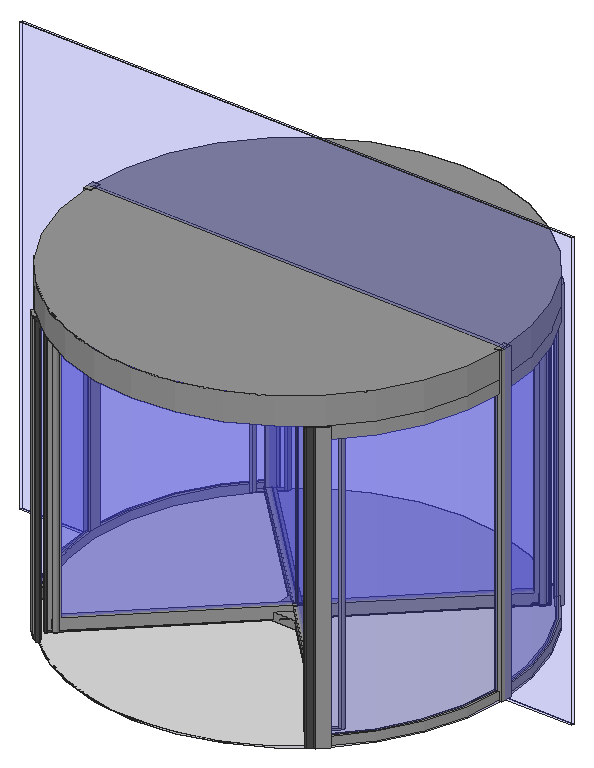
Revit family "Geryon SRD-E01", category Türen, Revit 2016 (continued)
Dimensions and locks
  equal spacing: Extrusion 26, nested 7, Extrusion 26
  locked: Extrusion 58 sketch curve to Extrusion 58 sketch curve at 85
  locked: Extrusion 58 sketch curve to Extrusion 58 sketch curve at 48.5
  "AccessLengthOrRadius": plane 15 "120-3" to Extrusion 58 sketch curve
  locked: Extrusion 58 to nested 1 at 24.25
  locked: Extrusion 61 sketch curve to Extrusion 61 sketch curve at 85
  locked: Extrusion 61 sketch curve to Extrusion 61 sketch curve at 48.5
  "AccessLengthOrRadius": plane 15 "120-3" to Extrusion 61 sketch curve
  locked: plane 9 "180-4" to Extrusion 61 sketch curve at 20
  locked: Extrusion 62 sketch curve to Extrusion 62 sketch curve at 85
  locked: Extrusion 62 sketch curve to Extrusion 62 sketch curve at 48.5
  nested 14 to Extrusion 62 = 24.25 mm
  locked: Extrusion 63 sketch curve to Extrusion 63 sketch curve at 85
  locked: Extrusion 63 sketch curve to Extrusion 63 sketch curve at 48.5
  locked: Extrusion 62 sketch curve to plane 15 "120-3" at 20
  "AccessLengthOrRadius": plane 15 "120-3" to Extrusion 62 sketch curve
  "DiameterNightLockFrame": Extrusion 63 sketch curve to plane 15 "120-3"
  "ConsoleS1": plane 15 "120-3" to nested 12
  locked: Extrusion 67 sketch curve to Extrusion 67 sketch curve at 85
  locked: Extrusion 67 sketch curve to Extrusion 67 sketch curve at 48.5
  locked: Extrusion 68 sketch curve to Extrusion 68 sketch curve at 85
  locked: Extrusion 68 sketch curve to Extrusion 68 sketch curve at 48.5
  "DiameterNightLockFrame": Extrusion 67 sketch curve to plane 15 "120-3"
  "DiameterNightLockFrame": plane 14 "120-2" to Extrusion 68 sketch curve
  locked: Extrusion 62 to nested 14 at 24.25
  locked: Extrusion 70 sketch curve to Extrusion 70 sketch curve at 85
  locked: Extrusion 70 sketch curve to Extrusion 70 sketch curve at 48.5
  locked: Extrusion 71 sketch curve to Extrusion 71 sketch curve at 85
  locked: Extrusion 71 sketch curve to Extrusion 71 sketch curve at 48.5
  locked: Extrusion 72 sketch curve to Extrusion 72 sketch curve at 85
  locked: Extrusion 72 sketch curve to Extrusion 72 sketch curve at 48.5
  "DiameterNightLockFrame": Extrusion 72 sketch curve to plane 17
  "DiameterNightLockFrame": plane 15 "120-3" to Extrusion 71 sketch curve
  locked: Extrusion 70 sketch curve to plane 13 "120-1" at 20
  "DiameterNightLockFrame": plane 15 "120-3" to Extrusion 70 sketch curve
  "ConsoleS2": nested 15 to plane 17
  equal spacing: Extrusion 23, nested 6, Sweep 35
  equal spacing: Extrusion 13, nested 11, Extrusion 14
  equal spacing: Extrusion 8, nested 8, Extrusion 8
  equal spacing: Extrusion 7, nested 5, Extrusion 7
  equal spacing: Extrusion 16, nested 9, Extrusion 16
  equal spacing: Extrusion 26, plane 1 "Mitte (Vorne/Hinten)", Extrusion 26
  "DoorThickness": Extrusion 26 to Extrusion 26
  equal spacing: Extrusion 13, plane 10 "180-1", Extrusion 13
  "DoorThickness": Extrusion 13 to Extrusion 13
  equal spacing: nested 8, plane 11 "180-2", Extrusion 8
  "DoorThickness": Extrusion 8 to nested 8
  equal spacing: Extrusion 16, plane 12 "180-3", Extrusion 16
  "DoorThickness": Extrusion 16 to Extrusion 16
  equal spacing: Extrusion 7, plane 9 "180-4", Extrusion 7
  "DoorThickness": Extrusion 7 to Extrusion 7
  equal spacing: Extrusion 23, plane 13 "120-1", Extrusion 23
  "DoorThickness": Extrusion 23 to Extrusion 23
  equal spacing: Extrusion 26, plane 1 "Mitte (Vorne/Hinten)", Extrusion 80 sketch curve
  "DoorThickness": Extrusion 80 sketch curve to Extrusion 80 sketch curve  (x3)
  equal spacing: Extrusion 80 sketch curve, plane 13 "120-1", Extrusion 80 sketch curve
  equal spacing: Extrusion 80 sketch curve, plane 15 "120-3", Extrusion 80 sketch curve
  equal spacing: Extrusion 79 sketch curve, plane 11 "180-2", Extrusion 79 sketch curve
  equal spacing: Extrusion 79 sketch curve, plane 12 "180-3", Extrusion 79 sketch curve
  "DoorThickness": Extrusion 79 sketch curve to Extrusion 79 sketch curve  (x2)
  "FrameThicknessCenter": Extrusion 80 sketch curve to plane 17
  "FrameThicknessCenter": plane 14 "120-2" to Extrusion 80 sketch curve  (x2)
  "FrameThickness": Extrusion 79 sketch curve to Extrusion 79 sketch curve  (x4)
  locked: level to Extrusion 26 sketch curve at 15
  locked: plane 2 to Extrusion 8 sketch curve at 15
  locked: Extrusion 7 sketch curve to plane 2 at 15
  locked: Extrusion 16 sketch curve to plane 8 "access height" at 15
  locked: Extrusion 16 sketch curve to plane 2 at 15
  locked: plane 8 "access height" to Extrusion 7 sketch curve at 15
  locked: Extrusion 23 sketch curve to plane 2 at 15
  locked: plane 8 "access height" to Extrusion 23 sketch curve at 15
  locked: Extrusion 13 sketch curve to plane 2 at 15
  locked: plane 8 "access height" to Extrusion 13 sketch curve at 15
  Extrusion 26 sketch curve to plane 8 "access height" = 15.00 mm
  locked: plane 8 "access height" to Extrusion 8 sketch curve at 15
  "FrameThicknessCenter": plane 19 "upperFrame" to plane 8 "access height"
  "DoorWidth": Extrusion 81 sketch curve to plane 20 "120-3 normal"
  "FrameThickness": Extrusion 81 sketch curve to Extrusion 81 sketch curve  (x3)
  locked: Extrusion 81 sketch curve to plane 2 at 15
  locked: plane 8 "access height" to Extrusion 81 sketch curve at 15
  equal spacing: Extrusion 81, nested 10, Extrusion 81
  equal spacing: Extrusion 81, plane 15 "120-3", Extrusion 81
  "DoorThickness": Extrusion 81 to Extrusion 81
  "Height": plane 2 to plane 7
  equal spacing: Extrusion 1 sketch curve, plane 3 "Mitte (Links/Rechts)", Extrusion 1 sketch curve
  "Width": Extrusion 1 sketch curve to Extrusion 1 sketch curve
  locked: Extrusion 1 to Extrusion 6 sketch curve at 20
  Extrusion 19 sketch curve to Extrusion 1 = 20.00 mm
  "AccessLengthOrRadius": radius of curve 1
  "Diameter": radius of curve 2
  "DiameterNightLock": radius of curve 3
  "DiameterNightLockCover": radius of curve 4
  "Diameter": radius of Extrusion 3 sketch curve
  "DiameterCoverFront": radius of Extrusion 30 sketch curve
  "Diameter": radius of Extrusion 30 sketch curve
  "DiameterCoverFront": radius of Extrusion 39 sketch curve
  "Diameter": radius of Extrusion 39 sketch curve
  "DiameterNightLockGlassInside": radius of Extrusion 45 sketch curve
  "DiameterNightLockGlassOutside": radius of Extrusion 45 sketch curve
  "DiameterNightLockGlassInside": radius of Extrusion 46 sketch curve
  "DiameterNightLockGlassOutside": radius of Extrusion 46 sketch curve
  "DiameterNightLockGlassInside": radius of Extrusion 53 sketch curve
  "DiameterNightLockGlassOutside": radius of Extrusion 53 sketch curve
  "DiameterNightLockGlassInside": radius of Extrusion 54 sketch curve
  "DiameterNightLockGlassOutside": radius of Extrusion 54 sketch curve
  "DiameterNightLockGlassInside": radius of curve 28
  "DiameterNightLockGlassOutside": radius of curve 27
  "DiameterGlassInside": radius of curve 30
  "DiameterGlassOutside": radius of curve 29
  angle plane 15 "120-3" to plane 16 = 37.50°
  angle plane 16 to plane 11 "180-2" = 37.50°
  aligned and locked: level to plane 2
  aligned and locked: Extrusion 1 to plane 4 "Section L"
  aligned and locked: Extrusion 1 to plane 6 "Oberkante"
  aligned and locked: Extrusion 1 to plane 5 "Section R"
  aligned and locked: Extrusion 1 to level  (x2)
  aligned and locked: Extrusion 21 to nested 3
  aligned and locked: nested 4 to Extrusion 22
  aligned and locked: nested 3 to plane 8 "access height"
  aligned and locked: nested 2 to plane 8 "access height"
  aligned and locked: plane 8 "access height" to nested 1
  aligned and locked: plane 8 "access height" to nested 4
  aligned and locked: Extrusion 30 to plane 8 "access height"
  aligned and locked: plane 7 to Extrusion 30
  aligned and locked: Extrusion 19 to Extrusion 5 sketch curve  (x2)
  aligned and locked: Extrusion 38 sketch curve to curve 2
  aligned and locked: plane 7 to Extrusion 39
  aligned and locked: Extrusion 39 to plane 8 "access height"
  aligned and locked: Extrusion 44 sketch curve to curve 4
  aligned and locked: Extrusion 44 sketch curve to curve 3
  aligned and locked: Extrusion 40 to Extrusion 44 sketch curve
  aligned and locked: Extrusion 42 to Extrusion 44 sketch curve
  aligned and locked: Extrusion 40 to Extrusion 45 sketch curve
  aligned and locked: Extrusion 42 to Extrusion 45 sketch curve
  aligned and locked: Extrusion 47 sketch curve to curve 3
  aligned and locked: Extrusion 47 sketch curve to curve 4
  aligned and locked: Extrusion 47 sketch curve to Extrusion 43
  aligned and locked: Extrusion 46 sketch curve to Extrusion 43
  aligned and locked: Extrusion 43 to Extrusion 48 sketch curve
  aligned and locked: Extrusion 48 sketch curve to curve 4  (x2)
  aligned and locked: Extrusion 48 sketch curve to curve 3  (x2)
  aligned and locked: Extrusion 42 to Extrusion 48 sketch curve
  aligned and locked: Extrusion 40 to Extrusion 48 sketch curve
  aligned and locked: plane 8 "access height" to Extrusion 48
  aligned and locked: Extrusion 53 sketch curve to Extrusion 49
  aligned and locked: Extrusion 53 sketch curve to Extrusion 51
  aligned and locked: Extrusion 52 to Extrusion 54 sketch curve
  aligned and locked: plane 8 "access height" to Extrusion 56
  aligned and locked: Extrusion 55 sketch curve to curve 4  (x2)
  aligned and locked: Extrusion 55 sketch curve to curve 3  (x2)
  aligned and locked: Extrusion 51 to Extrusion 55 sketch curve
  aligned and locked: Extrusion 49 to Extrusion 55 sketch curve
  aligned and locked: Extrusion 50 to Extrusion 55 sketch curve
  aligned and locked: Extrusion 52 to Extrusion 55 sketch curve
  aligned and locked: Extrusion 56 sketch curve to curve 4  (x2)
  aligned and locked: Extrusion 56 sketch curve to curve 3  (x2)
  aligned and locked: Extrusion 51 to Extrusion 56 sketch curve
  aligned and locked: Extrusion 49 to Extrusion 56 sketch curve
  aligned and locked: Extrusion 50 to Extrusion 56 sketch curve
  aligned and locked: Extrusion 52 to Extrusion 56 sketch curve
  aligned and locked: nested 4 to nested 12
  aligned and locked: Extrusion 57 sketch curve to plane 9 "180-4"
  aligned and locked: Extrusion 57 sketch curve to plane 12 "180-3"
  aligned and locked: Extrusion 57 sketch curve to plane 11 "180-2"
  aligned and locked: Extrusion 57 sketch curve to plane 10 "180-1"
  aligned and locked: plane 8 "access height" to Extrusion 57
  aligned and locked: plane 8 "access height" to Extrusion 49
  aligned and locked: plane 8 "access height" to Extrusion 50
  aligned and locked: plane 8 "access height" to Extrusion 51
  aligned and locked: plane 8 "access height" to Extrusion 42
  aligned and locked: plane 8 "access height" to Extrusion 20
  aligned and locked: plane 8 "access height" to Extrusion 52
  aligned and locked: plane 8 "access height" to Extrusion 22
  aligned and locked: plane 8 "access height" to Extrusion 21
  aligned and locked: plane 8 "access height" to Extrusion 40
  aligned and locked: plane 8 "access height" to Extrusion 41
  aligned and locked: plane 8 "access height" to Extrusion 43
  aligned and locked: plane 7 to Extrusion 19
  aligned and locked: plane 7 to Extrusion 6
  aligned and locked: nested 1 to Extrusion 58
  aligned and locked: Extrusion 60 sketch curve to curve 1
  aligned and locked: Extrusion 60 sketch curve to plane 9 "180-4"
  aligned and locked: Extrusion 60 sketch curve to plane 12 "180-3"
  aligned and locked: Extrusion 60 sketch curve to curve 2
  aligned and locked: plane 8 "access height" to Extrusion 61
  aligned and locked: plane 8 "access height" to Extrusion 58
  aligned and locked: Extrusion 62 to nested 14  (x2)
  aligned and locked: Extrusion 64 sketch curve to curve 3
  aligned and locked: Extrusion 64 sketch curve to curve 4
  aligned and locked: Extrusion 64 sketch curve to plane 15 "120-3"
  aligned and locked: Extrusion 64 sketch curve to plane 11 "180-2"
  aligned and locked: Extrusion 65 sketch curve to curve 27  (x2)
  aligned and locked: Extrusion 65 sketch curve to curve 28  (x2)
  aligned and locked: Extrusion 68 to plane 16
  aligned and locked: Extrusion 69 sketch curve to curve 3
  aligned and locked: Extrusion 69 sketch curve to curve 4
  aligned and locked: Extrusion 69 sketch curve to plane 11 "180-2"
  aligned and locked: Extrusion 69 sketch curve to plane 15 "120-3"
  aligned and locked: Extrusion 66 sketch curve to curve 28  (x2)
  aligned and locked: Extrusion 66 sketch curve to curve 27  (x2)
  aligned and locked: Extrusion 67 to Extrusion 66 sketch curve
  aligned and locked: Extrusion 68 to Extrusion 66 sketch curve
  aligned and locked: plane 17 to Extrusion 72 sketch curve
  aligned and locked: plane 17 to Extrusion 71 sketch curve
  aligned and locked: nested 15 to Extrusion 70
  aligned and locked: Extrusion 73 sketch curve to curve 4  (x2)
  aligned and locked: Extrusion 73 sketch curve to curve 3  (x2)
  aligned and locked: Extrusion 71 to Extrusion 73 sketch curve
  aligned and locked: Extrusion 72 to Extrusion 73 sketch curve
  aligned and locked: Extrusion 70 to Extrusion 73 sketch curve
  aligned and locked: Extrusion 52 to Extrusion 73 sketch curve
  aligned and locked: Extrusion 74 sketch curve to curve 4  (x2)
  aligned and locked: Extrusion 74 sketch curve to curve 3  (x2)
  aligned and locked: Extrusion 70 to Extrusion 74 sketch curve
  aligned and locked: Extrusion 71 to Extrusion 74 sketch curve
  aligned and locked: Extrusion 72 to Extrusion 74 sketch curve
  aligned and locked: Extrusion 52 to Extrusion 74 sketch curve
  aligned and locked: plane 8 "access height" to Extrusion 74
  aligned and locked: plane 8 "access height" to Extrusion 66
  aligned and locked: Extrusion 57 sketch curve to curve 1  (x2)
  aligned and locked: Extrusion 57 sketch curve to curve 2  (x2)
  aligned and locked: Extrusion 75 sketch curve to curve 27
  aligned and locked: Extrusion 75 sketch curve to curve 28  (x2)
  aligned and locked: Extrusion 70 to Extrusion 75 sketch curve
  aligned and locked: Extrusion 52 to Extrusion 75 sketch curve
  aligned and locked: Extrusion 71 to Extrusion 75 sketch curve
  aligned and locked: Extrusion 72 to Extrusion 75 sketch curve
  aligned and locked: Extrusion 75 sketch curve to Extrusion 53
  aligned and locked: Extrusion 63 to Extrusion 65 sketch curve
  aligned and locked: Extrusion 65 sketch curve to Extrusion 43
  aligned and locked: Extrusion 67 to Extrusion 65 sketch curve
  aligned and locked: Extrusion 68 to Extrusion 65 sketch curve
  aligned and locked: Extrusion 63 to Extrusion 66 sketch curve
  aligned and locked: Extrusion 43 to Extrusion 66 sketch curve
  aligned and locked: Extrusion 76 sketch curve to curve 2
  aligned and locked: Extrusion 76 sketch curve to curve 1
  aligned and locked: Extrusion 76 sketch curve to plane 13 "120-1"
  aligned and locked: Extrusion 76 sketch curve to plane 15 "120-3"
  aligned and locked: Extrusion 77 sketch curve to curve 1
  aligned and locked: Extrusion 77 sketch curve to curve 2
  aligned and locked: Extrusion 77 sketch curve to plane 10 "180-1"
  aligned and locked: Extrusion 77 sketch curve to plane 11 "180-2"
  aligned and locked: Extrusion 6 to Extrusion 59 sketch curve  (x2)
  aligned and locked: Extrusion 59 sketch curve to plane 9 "180-4"
  aligned and locked: Extrusion 59 sketch curve to curve 30  (x2)
  aligned and locked: Extrusion 59 sketch curve to curve 29  (x2)
  aligned and locked: Extrusion 59 sketch curve to plane 12 "180-3"
  aligned and locked: Extrusion 6 to Extrusion 78 sketch curve  (x2)
  aligned and locked: Extrusion 78 sketch curve to curve 29  (x2)
  aligned and locked: Extrusion 78 sketch curve to curve 30  (x2)
  aligned and locked: Extrusion 62 to Extrusion 78 sketch curve
  aligned and locked: Extrusion 58 to Extrusion 78 sketch curve
  aligned and locked: plane 11 "180-2" to Extrusion 13 sketch curve  (x2)
  aligned and locked: Extrusion 8 sketch curve to plane 12 "180-3"
  aligned and locked: Extrusion 23 sketch curve to Extrusion 23 sketch curve
  aligned and locked: plane 3 "Mitte (Links/Rechts)" to Extrusion 26 sketch curve  (x2)
  aligned and locked: plane 11 "180-2" to Extrusion 14
  aligned and locked: plane 12 "180-3" to Extrusion 9
  aligned and locked: plane 18 to Extrusion 24
  aligned and locked: plane 18 to Extrusion 25
  aligned and locked: nested 6 to Extrusion 23
  aligned and locked: nested 7 to Extrusion 26
  aligned and locked: nested 11 to Extrusion 13
  aligned and locked: nested 8 to Extrusion 8
  aligned and locked: Extrusion 15 to Extrusion 29 sketch curve
  aligned and locked: Extrusion 5 sketch curve to curve 29  (x2)
  aligned and locked: Extrusion 5 sketch curve to curve 30  (x2)
  aligned and locked: Extrusion 26 to plane 3 "Mitte (Links/Rechts)"
  aligned and locked: Extrusion 79 sketch curve to Extrusion 79 sketch curve  (x4)
  aligned and locked: plane 11 "180-2" to Extrusion 16 sketch curve  (x2)
  aligned and locked: plane 12 "180-3" to Extrusion 7 sketch curve  (x2)
  aligned and locked: Extrusion 9 to Extrusion 7
  aligned and locked: Extrusion 23 sketch curve to plane 18
  aligned and locked: Extrusion 29 to Extrusion 16  (x2)
  aligned and locked: plane 12 "180-3" to Extrusion 8 sketch curve
  aligned and locked: Extrusion 57 to plane 19 "upperFrame"
  aligned and locked: Extrusion 56 to plane 19 "upperFrame"
  aligned and locked: Extrusion 74 to plane 19 "upperFrame"
  aligned and locked: plane 19 "upperFrame" to Extrusion 75
  aligned and locked: plane 19 "upperFrame" to Extrusion 53
  aligned and locked: plane 19 "upperFrame" to Extrusion 9
  aligned and locked: Extrusion 48 to plane 19 "upperFrame"
  aligned and locked: plane 19 "upperFrame" to Extrusion 45
  aligned and locked: Extrusion 69 to plane 19 "upperFrame"
  aligned and locked: Extrusion 66 to plane 19 "upperFrame"
  aligned and locked: plane 19 "upperFrame" to Extrusion 65
  aligned and locked: plane 19 "upperFrame" to Extrusion 54
  aligned and locked: plane 19 "upperFrame" to Extrusion 27
  aligned and locked: plane 19 "upperFrame" to Extrusion 12
  aligned and locked: plane 19 "upperFrame" to Extrusion 46
  aligned and locked: plane 19 "upperFrame" to Extrusion 28
  aligned and locked: plane 19 "upperFrame" to Extrusion 11
  aligned and locked: plane 19 "upperFrame" to Extrusion 15
  aligned and locked: plane 19 "upperFrame" to Extrusion 14
  aligned and locked: plane 19 "upperFrame" to Extrusion 17
  aligned and locked: plane 19 "upperFrame" to Extrusion 18
  aligned and locked: plane 19 "upperFrame" to Extrusion 10
  aligned and locked: Extrusion 25 to Extrusion 23
  aligned and locked: Extrusion 24 to Extrusion 23
  aligned and locked: Extrusion 15 to Extrusion 13
  aligned and locked: Extrusion 14 to Extrusion 13
  aligned and locked: Extrusion 28 to Extrusion 26
  aligned and locked: Extrusion 27 to Extrusion 26
  aligned and locked: Extrusion 12 to Extrusion 8
  aligned and locked: Extrusion 11 to Extrusion 8
  aligned and locked: Extrusion 17 to Extrusion 16
  aligned and locked: nested 9 to Extrusion 16
  aligned and locked: Extrusion 7 to nested 5
  aligned and locked: Extrusion 23 to nested 6
  aligned and locked: Extrusion 81 sketch curve to plane 20 "120-3 normal"  (x2)
  aligned and locked: Extrusion 18 to Extrusion 16
  aligned and locked: Extrusion 10 to Extrusion 7
  aligned and locked: Extrusion 81 to nested 10
  aligned and locked: Extrusion 5 sketch curve to Extrusion 20
  aligned and locked: Extrusion 22 to Extrusion 5 sketch curve
  aligned and locked: Extrusion 79 to Extrusion 7
  aligned and locked: Extrusion 80 to Extrusion 7
  aligned and locked: Extrusion 26 to nested 16
  aligned and locked: Extrusion 8 to nested 17
  aligned and locked: Extrusion 81 to nested 18
  aligned and locked: Extrusion 16 to nested 19
  aligned and locked: Extrusion 7 to nested 20
  aligned and locked: Extrusion 23 to nested 21
  aligned and locked: Extrusion 13 to nested 22
  aligned and locked: nested 8 to nested 17
  aligned and locked: nested 7 to nested 16
  aligned and locked: nested 10 to nested 18
  aligned and locked: nested 9 to nested 19
  aligned and locked: nested 5 to nested 20
  aligned and locked: nested 6 to nested 21
  aligned and locked: nested 11 to nested 22
  aligned and locked: Extrusion 24 to Extrusion 7  (x2)
  aligned and locked: Extrusion 25 to Extrusion 7
  aligned and locked: Extrusion 27 to Extrusion 8
  aligned and locked: plane 8 "access height" to Extrusion 72
  aligned and locked: plane 8 "access height" to Extrusion 71
  aligned and locked: plane 8 "access height" to Extrusion 67
  aligned and locked: plane 8 "access height" to Extrusion 68
  aligned and locked: plane 8 "access height" to Extrusion 69
  aligned and locked: nested 14 to plane 8 "access height"
  aligned and locked: plane 8 "access height" to Extrusion 62
  aligned and locked: plane 8 "access height" to Extrusion 63
  aligned and locked: plane 8 "access height" to Extrusion 70
  aligned and locked: plane 7 to Extrusion 3
  aligned and locked: Extrusion 29 to Extrusion 81
  aligned and locked: Extrusion 82 sketch curve to plane 20 "120-3 normal"
  aligned and locked: Extrusion 81 to Extrusion 82 sketch curve
  aligned and locked: Extrusion 82 sketch curve to Extrusion 81  (x2)
Automatic sketch dimensions
  plane 1 "Mitte (Vorne/Hinten)" to curve 26 = 0.00 mm
  curve 26 to plane 3 "Mitte (Links/Rechts)" = 0.00 mm
  Extrusion 1 sketch curve to level = 0.00 mm  (x2)
  plane 4 "Section L" to Extrusion 1 sketch curve = 0.00 mm
  Extrusion 1 sketch curve to plane 7 = 0.00 mm
  plane 5 "Section R" to Extrusion 1 sketch curve = 0.00 mm
  Extrusion 1 sketch curve to plane 6 "Oberkante" = 0.00 mm
  plane 9 "180-4" to Extrusion 2 sketch curve = 0.00 mm
  Extrusion 4 sketch curve to plane 15 "120-3" = 0.00 mm
  plane 1 "Mitte (Vorne/Hinten)" to Extrusion 4 sketch curve = 0.00 mm
  plane 10 "180-1" to Extrusion 4 sketch curve = 52.023 mm
  Extrusion 4 sketch curve to Extrusion 4 sketch curve = 147.131 mm
  Extrusion 4 sketch curve to Extrusion 4 sketch curve = 199.686 mm
  Extrusion 4 sketch curve to Extrusion 4 sketch curve = 285.181 mm
  plane 1 "Mitte (Vorne/Hinten)" to Extrusion 6 sketch curve = 42.50 mm
  Extrusion 9 sketch curve to plane 10 "180-1" = 0.00 mm
  level to Extrusion 10 sketch curve = 63.00 mm
  Extrusion 10 sketch curve to plane 8 "access height" = 92.00 mm
  level to Extrusion 11 sketch curve = 63.00 mm
  Extrusion 11 sketch curve to plane 8 "access height" = 92.00 mm
  level to Extrusion 12 sketch curve = 63.00 mm
  Extrusion 12 sketch curve to plane 8 "access height" = 92.00 mm
  plane 9 "180-4" to Extrusion 14 sketch curve = 0.00 mm
  level to Extrusion 14 sketch curve = 63.00 mm
  Extrusion 14 sketch curve to Extrusion 14 sketch curve = 1360.00 mm
  Extrusion 14 sketch curve to plane 8 "access height" = 92.00 mm
  plane 9 "180-4" to Extrusion 15 sketch curve = 0.001 mm
  level to Extrusion 15 sketch curve = 63.00 mm
  Extrusion 15 sketch curve to Extrusion 15 sketch curve = 1359.999 mm
  Extrusion 15 sketch curve to plane 8 "access height" = 92.00 mm
  plane 9 "180-4" to Extrusion 17 sketch curve = 0.001 mm
  level to Extrusion 17 sketch curve = 63.00 mm
  Extrusion 17 sketch curve to Extrusion 17 sketch curve = 1360.001 mm
  Extrusion 17 sketch curve to plane 8 "access height" = 92.00 mm
  plane 9 "180-4" to Extrusion 18 sketch curve = 0.001 mm
  level to Extrusion 18 sketch curve = 63.00 mm
  Extrusion 18 sketch curve to Extrusion 18 sketch curve = 1360.001 mm
  Extrusion 18 sketch curve to plane 8 "access height" = 92.00 mm
  Extrusion 19 sketch curve to plane 1 "Mitte (Vorne/Hinten)" = 42.50 mm
  Extrusion 24 sketch curve to Extrusion 24 sketch curve = 1360.00 mm
  level to Extrusion 25 sketch curve = 63.00 mm
  Extrusion 25 sketch curve to Extrusion 25 sketch curve = 1360.00 mm
  Extrusion 25 sketch curve to plane 8 "access height" = 95.00 mm
  plane 3 "Mitte (Links/Rechts)" to Extrusion 27 sketch curve = 0.00 mm
  level to Extrusion 28 sketch curve = 63.00 mm
  Extrusion 28 sketch curve to plane 8 "access height" = 92.00 mm
  Extrusion 44 sketch curve to Extrusion 44 sketch curve = 0.00 mm  (x2)
  plane 3 "Mitte (Links/Rechts)" to Extrusion 47 sketch curve = 77.839 mm
  plane 3 "Mitte (Links/Rechts)" to Extrusion 48 sketch curve = 77.839 mm
  Extrusion 59 sketch curve to plane 10 "180-1" = 0.00 mm  (x2)
  Extrusion 60 sketch curve to plane 9 "180-4" = 0.00 mm  (x2)
  Extrusion 64 sketch curve to plane 15 "120-3" = 0.00 mm  (x2)
  Extrusion 69 sketch curve to plane 15 "120-3" = 0.00 mm  (x2)
  Extrusion 74 sketch curve to Extrusion 74 sketch curve = 0.00 mm  (x2)
  Extrusion 76 sketch curve to plane 13 "120-1" = 0.00 mm  (x2)
  plane 10 "180-1" to Extrusion 77 sketch curve = 0.00 mm  (x2)
  plane 10 "180-1" to Extrusion 11 sketch curve = 0.00 mm
  plane 10 "180-1" to Extrusion 12 sketch curve = 0.00 mm
  Extrusion 10 sketch curve to plane 10 "180-1" = 0.001 mm
  plane 3 "Mitte (Links/Rechts)" to Extrusion 28 sketch curve = 0.00 mm
  Extrusion 27 sketch curve to plane 8 "access height" = 92.00 mm
  level to Extrusion 27 sketch curve = 95.00 mm
  Extrusion 11 sketch curve to Extrusion 11 sketch curve = 1360.00 mm
  Extrusion 12 sketch curve to Extrusion 12 sketch curve = 1360.00 mm
  Extrusion 9 sketch curve to plane 8 "access height" = 92.00 mm
  level to Extrusion 9 sketch curve = 100.00 mm
  Extrusion 9 sketch curve to Extrusion 9 sketch curve = 1360.00 mm
  Extrusion 10 sketch curve to Extrusion 10 sketch curve = 1359.999 mm
  Extrusion 24 sketch curve to plane 18 = 0.00 mm
  level to Extrusion 24 sketch curve = 95.00 mm
  Extrusion 24 sketch curve to plane 8 "access height" = 95.00 mm
  level to Extrusion 29 sketch curve = 95.00 mm
  Extrusion 29 sketch curve to plane 19 "upperFrame" = 3.00 mm
  Extrusion 29 sketch curve to plane 20 "120-3 normal" = 1360.00 mm
  Extrusion 27 sketch curve to Extrusion 27 sketch curve = 1360.00 mm
  Extrusion 28 sketch curve to Extrusion 28 sketch curve = 1360.00 mm
  curve 1 to curve 2 = 0.00 mm  (x2)
  curve 1 to curve 3 = 0.00 mm  (x2)
  curve 1 to curve 4 = 0.00 mm  (x2)
  curve 1 to curve 27 = 0.00 mm  (x2)
  curve 1 to curve 28 = 0.00 mm  (x2)
  curve 1 to curve 29 = 0.00 mm  (x2)
  curve 1 to curve 30 = 0.00 mm  (x2)
  plane 1 "Mitte (Vorne/Hinten)" to curve 24 = 0.00 mm
  plane 1 "Mitte (Vorne/Hinten)" to curve 4 = 0.00 mm
  curve 4 to plane 3 "Mitte (Links/Rechts)" = 0.00 mm
  plane 13 "120-1" to curve 23 = 0.00 mm
  plane 15 "120-3" to curve 23 = 0.00 mm
  curve 25 to curve 1 = 40.00 mm
  plane 3 "Mitte (Links/Rechts)" to curve 23 = 20.00 mm  (x2)
  plane 1 "Mitte (Vorne/Hinten)" to Extrusion 3 sketch curve = 0.00 mm
  Extrusion 3 sketch curve to plane 3 "Mitte (Links/Rechts)" = 0.00 mm
  Extrusion 30 sketch curve to Extrusion 30 sketch curve = 0.00 mm
  plane 1 "Mitte (Vorne/Hinten)" to Extrusion 30 sketch curve = 0.00 mm
  Extrusion 30 sketch curve to plane 3 "Mitte (Links/Rechts)" = 0.00 mm
  Extrusion 39 sketch curve to Extrusion 39 sketch curve = 0.00 mm
  plane 1 "Mitte (Vorne/Hinten)" to Extrusion 39 sketch curve = 0.00 mm
  Extrusion 39 sketch curve to plane 3 "Mitte (Links/Rechts)" = 0.00 mm
  Extrusion 40 sketch curve to plane 3 "Mitte (Links/Rechts)" = 0.00 mm
  Extrusion 40 sketch curve to Extrusion 40 sketch curve = 1.80 mm  (x2)
  Extrusion 40 sketch curve to Extrusion 40 sketch curve = 2.00 mm  (x2)
  Extrusion 41 sketch curve to Extrusion 41 sketch curve = 2.00 mm  (x4)
  Extrusion 41 sketch curve to plane 3 "Mitte (Links/Rechts)" = 0.00 mm
  Extrusion 42 sketch curve to Extrusion 42 sketch curve = 2.00 mm  (x4)
  plane 10 "180-1" to Extrusion 42 sketch curve = 65.00 mm
  Extrusion 43 sketch curve to Extrusion 43 sketch curve = 2.00 mm  (x4)
  plane 9 "180-4" to Extrusion 43 sketch curve = 19.998 mm
  Extrusion 45 sketch curve to Extrusion 45 sketch curve = 0.00 mm  (x2)
  plane 1 "Mitte (Vorne/Hinten)" to Extrusion 45 sketch curve = 0.00 mm
  Extrusion 45 sketch curve to plane 3 "Mitte (Links/Rechts)" = 0.00 mm
  Extrusion 46 sketch curve to Extrusion 46 sketch curve = 0.00 mm  (x2)
  plane 1 "Mitte (Vorne/Hinten)" to Extrusion 46 sketch curve = 0.00 mm
  Extrusion 46 sketch curve to plane 3 "Mitte (Links/Rechts)" = 0.00 mm
  Extrusion 46 sketch curve to plane 3 "Mitte (Links/Rechts)" = 85.00 mm
  Extrusion 49 sketch curve to Extrusion 49 sketch curve = 1.80 mm  (x2)
  plane 3 "Mitte (Links/Rechts)" to Extrusion 49 sketch curve = 0.00 mm
  Extrusion 49 sketch curve to Extrusion 49 sketch curve = 2.00 mm  (x2)
  Extrusion 50 sketch curve to Extrusion 50 sketch curve = 2.00 mm  (x4)
  plane 3 "Mitte (Links/Rechts)" to Extrusion 50 sketch curve = 0.001 mm
  Extrusion 51 sketch curve to Extrusion 51 sketch curve = 2.00 mm  (x4)
  Extrusion 51 sketch curve to plane 9 "180-4" = 20.001 mm
  Extrusion 52 sketch curve to Extrusion 52 sketch curve = 2.00 mm  (x4)
  Extrusion 52 sketch curve to plane 10 "180-1" = 65.00 mm
  Extrusion 53 sketch curve to Extrusion 53 sketch curve = 0.00 mm  (x2)
  plane 1 "Mitte (Vorne/Hinten)" to Extrusion 53 sketch curve = 0.00 mm
  Extrusion 53 sketch curve to plane 3 "Mitte (Links/Rechts)" = 0.00 mm
  Extrusion 54 sketch curve to Extrusion 54 sketch curve = 0.00 mm  (x2)
  Extrusion 54 sketch curve to plane 3 "Mitte (Links/Rechts)" = 0.00 mm
  Extrusion 54 sketch curve to plane 9 "180-4" = 0.00 mm
  plane 3 "Mitte (Links/Rechts)" to Extrusion 54 sketch curve = 85.00 mm
  Extrusion 58 sketch curve to Extrusion 58 sketch curve = 2.00 mm  (x4)
  Extrusion 58 sketch curve to plane 13 "120-1" = 20.001 mm
  Extrusion 61 sketch curve to Extrusion 61 sketch curve = 2.00 mm  (x4)
  Extrusion 63 sketch curve to Extrusion 63 sketch curve = 2.00 mm  (x4)
  Extrusion 63 sketch curve to plane 15 "120-3" = 65.00 mm
  Extrusion 67 sketch curve to plane 16 = 0.00 mm
  Extrusion 67 sketch curve to Extrusion 67 sketch curve = 1.80 mm  (x2)
  Extrusion 67 sketch curve to Extrusion 67 sketch curve = 2.00 mm  (x2)
  Extrusion 68 sketch curve to plane 16 = 0.00 mm
  Extrusion 68 sketch curve to Extrusion 68 sketch curve = 1.80 mm  (x2)
  Extrusion 68 sketch curve to Extrusion 68 sketch curve = 2.00 mm  (x2)
  Extrusion 70 sketch curve to Extrusion 70 sketch curve = 2.00 mm  (x4)
  Extrusion 71 sketch curve to Extrusion 71 sketch curve = 1.80 mm  (x2)
  Extrusion 71 sketch curve to Extrusion 71 sketch curve = 2.00 mm
  plane 17 to Extrusion 71 sketch curve = 2.00 mm
  Extrusion 71 sketch curve to Extrusion 71 sketch curve = 0.00 mm
  Extrusion 72 sketch curve to Extrusion 72 sketch curve = 1.80 mm  (x2)
  Extrusion 72 sketch curve to Extrusion 72 sketch curve = 2.00 mm
  plane 17 to Extrusion 72 sketch curve = 2.00 mm
  Extrusion 72 sketch curve to Extrusion 72 sketch curve = 0.00 mm
  radius of curve 26 = 3224.078 mm
Nested families
  nested 1: "rubber profile" at (-695.811, 1335.218, 0) x (0.5, -0.866, 0) z (0, 0, 1), visible <- "RotationInterval 120", type "rubber profile"
    with ClearHeight 2100.00 mm
  nested 2: "rubber profile" at (1017.727, 1109.627, 0) x (-0.7071, -0.7071, 0) z (0, 0, 1), type "rubber profile"
    with ClearHeight 2100.00 mm
  nested 3: "rubber profile" at (-1017.68, -1109.627, 0) x (0.7071, 0.7071, 0) z (0, 0, 1), visible <- "RotationInterval 180", type "rubber profile"
    with ClearHeight 2100.00 mm
  nested 4: "rubber profile" at (1017.727, -1109.627, 0) x (-0.7071, 0.7071, 0) z (0, 0, 1), type "rubber profile"
    with ClearHeight 2100.00 mm
  nested 5: "handle" at (-970.127, 1009.748, 0) x (0.7071, -0.7071, 0) z (0, 0, 1), visible <- "HasGrabHandles 180", type "grabHandle"
    with ClearHeight 2100.00 mm
  nested 6: "handle" at (-675.728, 1226.436, 0) x (0.5, -0.866, 0) z (0, 0, 1), visible <- "HasGrabHandles 120", type "grabHandle"
    with ClearHeight 2100.00 mm
  nested 7: "handle" at (1400.023, -28, 0) x (-1, 0, 0) z (0, 0, 1), visible <- "HasGrabHandles 120", type "grabHandle"
    with ClearHeight 2100.00 mm
  nested 8: "handle" at (970.174, -1009.748, 0) x (-0.7071, 0.7071, 0) z (0, 0, 1), visible <- "HasGrabHandles 180", type "grabHandle"
    with ClearHeight 2100.00 mm
  nested 9: "handle" at (-1009.725, -970.151, 0) x (0.7071, 0.7071, 0) z (0, 0, 1), visible <- "HasGrabHandles 180", type "grabHandle"
    with ClearHeight 2100.00 mm
  nested 10: "handle" at (-724.226, -1198.436, 0) x (0.5, 0.866, 0) z (0, 0, 1), visible <- "HasGrabHandles 120", type "grabHandle"
    with ClearHeight 2100.00 mm
  nested 11: "handle" at (1009.772, 970.151, 0) x (-0.7071, -0.7071, 0) z (0, 0, 1), visible <- "HasGrabHandles 180", type "grabHandle"
    with ClearHeight 2100.00 mm
  nested 12: "console" at (1036.642, -1128.542, 950) x (0.7071, -0.7071, 0) z (0, 0, 1), visible <- "HasConsoleS1", type <- "ConsoleType", type "Type 4"
  nested 13: "console" at (-1036.595, 1128.542, 950) x (-0.7071, 0.7071, 0) z (0, 0, 1), visible <- "HasLock 180", type <- "ConsoleType", type "Type 4"
  nested 14: "rubber profile" at (-695.81, -1335.219, 0) x (0.5, 0.866, 0) z (0, 0, 1), visible <- "RotationInterval 120", type "rubber profile"
    with ClearHeight 2100.00 mm
  nested 15: "console" at (-709.185, 1358.385, 950) x (-0.5, 0.866, 0) z (0, 0, 1), visible <- "HasConsoleS2 120", type <- "ConsoleType", type "Type 4"
  nested 16: "handle" at (1400.023, 28, 0) x (-1, 0, 0) z (0, 0, 1), visible <- "HasGrabHandles 120", type "grabHandle"
    with ClearHeight 2100.00 mm
  nested 17: "handle" at (1009.772, -970.151, 0) x (-0.7071, 0.7071, 0) z (0, 0, 1), visible <- "HasGrabHandles 180", type "grabHandle"
    with ClearHeight 2100.00 mm
  nested 18: "handle" at (-675.728, -1226.436, 0) x (0.5, 0.866, 0) z (0, 0, 1), visible <- "HasGrabHandles 120", type "grabHandle"
    with ClearHeight 2100.00 mm
  nested 19: "handle" at (-970.127, -1009.748, 0) x (0.7071, 0.7071, 0) z (0, 0, 1), visible <- "HasGrabHandles 180", type "grabHandle"
    with ClearHeight 2100.00 mm
  nested 20: "handle" at (-1009.725, 970.151, 0) x (0.7071, -0.7071, 0) z (0, 0, 1), visible <- "HasGrabHandles 180", type "grabHandle"
    with ClearHeight 2100.00 mm
  nested 21: "handle" at (-724.226, 1198.436, 0) x (0.5, -0.866, 0) z (0, 0, 1), visible <- "HasGrabHandles 120", type "grabHandle"
    with ClearHeight 2100.00 mm
  nested 22: "handle" at (970.174, 1009.748, 0) x (-0.7071, -0.7071, 0) z (0, 0, 1), visible <- "HasGrabHandles 180", type "grabHandle"
    with ClearHeight 2100.00 mm
Definition of nested family "rubber profile"
  Parameters
    RubberMaterial = none
    ClearHeight [instance] = 860.00 mm
  Reference planes
    plane 1 "Mitte (Vorne/Hinten)": y = 0
    plane 2: z = 0
    plane 3 "Mitte (Links/Rechts)": x = 0
    plane 4: z = 860
  Forms (mm)
    Extrusion 1, solid, material <- "RubberMaterial"
      sketch origin (959.147, -87.353, 0) x (0.707107, 0.707107, 0) y (-0.707107, 0.707107, 0)
        loop
          arc (-590.457, 784.714) -> (-606.688, 774.354) -> (-621.477, 762.023) r 151.839
          arc (-621.477, 762.023) -> (-625.471, 757.342) -> (-628.391, 751.926) r 29.082
          line (-628.391, 751.926) -> (-604.513, 728.049)
          arc (-604.513, 728.049) -> (-599.097, 730.968) -> (-594.416, 734.962) r 29.082
          arc (-594.416, 734.962) -> (-582.085, 749.751) -> (-571.725, 765.982) r 151.839
          arc (-571.725, 765.982) -> (-574.044, 782.395) -> (-590.457, 784.714) r 13.785
      from 0 to 860
  Dimensions and locks
    "ClearHeight": plane 2 to plane 4
    aligned and locked: level to plane 2
    aligned and locked: plane 4 to Extrusion 1
  Automatic sketch dimensions
    plane 1 "Mitte (Vorne/Hinten)" to Extrusion 1 sketch curve = 0.00 mm  (x2)
    Extrusion 1 sketch curve to plane 3 "Mitte (Links/Rechts)" = 0.00 mm
    Extrusion 1 sketch curve to plane 1 "Mitte (Vorne/Hinten)" = 7.937 mm
    Extrusion 1 sketch curve to plane 3 "Mitte (Links/Rechts)" = 132.648 mm
    Extrusion 1 sketch curve to Extrusion 1 sketch curve = 76.246 mm  (x2)
    Extrusion 1 sketch curve to Extrusion 1 sketch curve = 12.864 mm  (x2)
    Extrusion 1 sketch curve to Extrusion 1 sketch curve = 11.013 mm
    Extrusion 1 sketch curve to Extrusion 1 sketch curve = 3.039 mm
    Extrusion 1 sketch curve to Extrusion 1 sketch curve = 17.683 mm
    Extrusion 1 sketch curve to Extrusion 1 sketch curve = 87.47 mm
    Extrusion 1 sketch curve to Extrusion 1 sketch curve = 7.059 mm
    Extrusion 1 sketch curve to Extrusion 1 sketch curve = 0.00 mm  (x3)
Definition of nested family "handle"
  Parameters
    HasHandleBar = yes
    HasGrabHandle = no
    HandleMaterial = none
    ClearHeight = 2180.00 mm
  Reference planes
    plane 1 "Mitte (Vorne/Hinten)": y = 0
    plane 2: z = 0
    plane 3 "Mitte (Links/Rechts)": x = 0
    plane 4: z = 2180
  Forms (mm)
    Sweep 1, solid, material <- "HandleMaterial", visible <- "HasGrabHandle"
      path in 3D
        loop
          line (0, 0, 1200) -> (0, 37, 1200)
          arc (0, 37, 1200) -> (10.251, 61.749, 1200) -> (35, 72, 1200) r 35
          line (35, 72, 1200) -> (70, 72, 1200)
          arc (70, 72, 1200) -> (94.749, 72, 1189.749) -> (105, 72, 1165) r 35
          line (105, 72, 1165) -> (105, 72, 935)
          arc (105, 72, 935) -> (94.749, 72, 910.251) -> (70, 72, 900) r 35
          line (70, 72, 900) -> (35, 72, 900)
          arc (35, 72, 900) -> (10.251, 61.749, 900) -> (0, 37, 900) r 35
          line (0, 37, 900) -> (0, 0, 900)
      profile origin (0, 18.5, 1200) x (-1, 0, 0) y (0, 0, 1)
        loop
          circle (0, 0) r 16
    Extrusion 2, solid, material <- "HandleMaterial", visible <- "HasHandleBar"
      sketch origin (0, -12.5, 0) x (1, 0, 0) y (0, 1, 0)
        loop
          line (-17, 12.5) -> (17, 12.5) -> (17, 85.512)
          arc (17, 85.512) -> (0, 102.512) -> (-17, 85.512) r 17
          line (-17, 85.512) -> (-17, 12.5)
      from 52 to 55
    Extrusion 3, solid, material <- "HandleMaterial", visible <- "HasHandleBar"
      sketch origin (0, -12.5, 20) x (1, 0, 0) y (0, 1, 0)
        loop
          circle (0, 85.512) r 17
      from 35 to 2105
    Extrusion 4, solid, material <- "HandleMaterial", visible <- "HasHandleBar"
      sketch origin (0, -12.5, 20) x (1, 0, 0) y (0, 0, 1)
        loop
          line (-16.993, 63.5) -> (-16.993, 35) -> (16.993, 35) -> (16.993, 63.5)
          arc (16.993, 63.5) -> (16.114, 65.621) -> (13.993, 66.5) r 3
          line (13.993, 66.5) -> (-13.993, 66.5)
          arc (-13.993, 66.5) -> (-16.114, 65.621) -> (-16.993, 63.5) r 3
      from -15.5 to -12.5
    Extrusion 5, solid, material <- "HandleMaterial", visible <- "HasHandleBar"
      sketch origin (0, -12.5, 2353) x (0, -1, 0) y (1, 0, 0)
        loop
          line (-12.5, -17) -> (-12.5, 17) -> (-85.512, 17)
          arc (-85.512, 17) -> (-102.512, 0) -> (-85.512, -17) r 17
          line (-85.512, -17) -> (-12.5, -17)
      from -228 to -225
    Extrusion 6, solid, material <- "HandleMaterial", visible <- "HasHandleBar"
      sketch origin (0, -12.5, 2443.625) x (1, 0, 0) y (0, 0, 1)
        loop
          arc (-16.993, -347.125) -> (-16.114, -349.246) -> (-13.993, -350.125) r 3
          line (-13.993, -350.125) -> (13.993, -350.125)
          arc (13.993, -350.125) -> (16.114, -349.246) -> (16.993, -347.125) r 3
          line (16.993, -347.125) -> (16.993, -318.625) -> (-16.993, -318.625) -> (-16.993, -347.125)
      from -15.5 to -12.5
    Extrusion 7, solid, material <- "HandleMaterial", visible <- "HasHandleBar"
      sketch origin (-0.089, 24.5, -0.905) x (1, 0, 0) y (0, 0, 1)
        loop
          circle (0.089, 71.655) r 5
      from 15.5 to 21.5
    Extrusion 8, solid, material <- "HandleMaterial", visible <- "HasHandleBar"
      sketch origin (-0.089, 24.5, 2357.595) x (1, 0, 0) y (0, 0, 1)
        loop
          circle (0.089, -248.345) r 5
      from 15.5 to 21.5
  Lines and regions (mm)
    sketch lines
      curve 1: line (0, 0, 1200) -> (0, 37, 1200)
      curve 2: arc (0, 37, 1200) -> (10.251, 61.749, 1200) -> (35, 72, 1200) r 35
      curve 3: line (70, 72, 1200) -> (35, 72, 1200)
      curve 4: arc (70, 72, 1200) -> (94.749, 72, 1189.749) -> (105, 72, 1165) r 35
      curve 5: line (105, 72, 1165) -> (105, 72, 935)
      curve 6: arc (70, 72, 900) -> (94.749, 72, 910.251) -> (105, 72, 935) r 35
      curve 7: line (70, 72, 900) -> (35, 72, 900)
      curve 8: arc (0, 37, 900) -> (10.251, 61.749, 900) -> (35, 72, 900) r 35
      curve 9: line (0, 0, 900) -> (0, 37, 900)
  Dimensions and locks
    locked: Extrusion 4 sketch curve to Extrusion 4 sketch curve at 31.5
    locked: Extrusion 6 sketch curve to Extrusion 6 sketch curve at 31.5
    locked: Extrusion 3 to Extrusion 5 at 3
    locked: Extrusion 2 to Extrusion 2 at 3
    equal spacing: Extrusion 4, Extrusion 7, Extrusion 2
    "ClearHeight": plane 4 to plane 2
    Extrusion 2 to plane 2 = 52.00 mm
    locked: plane 4 to Extrusion 5 at 52
    aligned and locked: level to plane 2
    aligned and locked: Extrusion 3 to Extrusion 5
    aligned and locked: Extrusion 6 to Extrusion 3
    aligned and locked: Extrusion 4 to Extrusion 2
    aligned and locked: Extrusion 3 to Extrusion 2
  Automatic sketch dimensions
    Sweep 1 sketch curve to profile plane = 0.00 mm  (x2)
    Extrusion 2 sketch curve to plane 3 "Mitte (Links/Rechts)" = 0.00 mm
    Extrusion 2 sketch curve to plane 3 "Mitte (Links/Rechts)" = 17.00 mm
    Extrusion 2 sketch curve to plane 1 "Mitte (Vorne/Hinten)" = 0.00 mm
    Extrusion 2 sketch curve to Extrusion 2 sketch curve = 73.012 mm
    Extrusion 3 sketch curve to plane 3 "Mitte (Links/Rechts)" = 0.00 mm
    Extrusion 3 sketch curve to plane 1 "Mitte (Vorne/Hinten)" = 73.012 mm
    Extrusion 4 sketch curve to plane 3 "Mitte (Links/Rechts)" = 16.993 mm
    Extrusion 4 sketch curve to Extrusion 4 sketch curve = 3.00 mm
    plane 3 "Mitte (Links/Rechts)" to Extrusion 4 sketch curve = 13.993 mm
    plane 3 "Mitte (Links/Rechts)" to Extrusion 4 sketch curve = 16.993 mm
    level to Extrusion 4 sketch curve = 55.00 mm
    Extrusion 5 sketch curve to plane 3 "Mitte (Links/Rechts)" = 0.00 mm
    Extrusion 5 sketch curve to plane 3 "Mitte (Links/Rechts)" = 17.00 mm
    Extrusion 5 sketch curve to plane 1 "Mitte (Vorne/Hinten)" = 73.012 mm
    Extrusion 5 sketch curve to plane 1 "Mitte (Vorne/Hinten)" = 0.00 mm
    plane 3 "Mitte (Links/Rechts)" to Extrusion 6 sketch curve = 16.993 mm
    Extrusion 6 sketch curve to Extrusion 6 sketch curve = 3.00 mm
    Extrusion 6 sketch curve to plane 3 "Mitte (Links/Rechts)" = 13.993 mm
    Extrusion 6 sketch curve to plane 3 "Mitte (Links/Rechts)" = 16.993 mm
    plane 4 to Extrusion 6 sketch curve = 55.00 mm
    Extrusion 7 sketch curve to plane 3 "Mitte (Links/Rechts)" = 0.00 mm
    level to Extrusion 7 sketch curve = 70.75 mm
    Extrusion 8 sketch curve to plane 3 "Mitte (Links/Rechts)" = 0.00 mm
    Extrusion 8 sketch curve to plane 4 = 70.75 mm
    radius of Sweep 1 sketch curve = 16.00 mm
    radius of Extrusion 3 sketch curve = 17.00 mm
    radius of Extrusion 7 sketch curve = 5.00 mm
    radius of Extrusion 8 sketch curve = 5.00 mm
Definition of nested family "console"
  Parameters
    OpeningStart = 18.00 mm
    ConsoleHeight = 138.00 mm
  Reference planes
    plane 1 "Mitte (Vorne/Hinten)": y = 0
    plane 2: z = 0
    plane 3 "Mitte (Links/Rechts)": x = 0
    plane 4 "loch": through (36.581, 1.377, 1200) normal (-0.7071, 0.7071, 0)
    plane 5: z = 20
    plane 6: z = 122
    plane 7: z = 140
    plane 8: z = 2
    plane 9: z = 142
  Forms (mm)
    Extrusion 1, solid
      sketch origin (0, 0, 0) x (1, 0, 0) y (0, 1, 0)
        loop
          arc (1.377, 51.025) -> (0.358, 49.5) -> (0, 47.701) r 4.7
          line (0, 47.701) -> (0, 4.7)
          arc (0, 4.7) -> (1.377, 1.377) -> (4.7, 0) r 4.7
          line (4.7, 0) -> (33.258, 0)
          arc (33.258, 0) -> (35.056, 0.358) -> (36.581, 1.377) r 4.7
          line (36.581, 1.377) -> (99.094, 63.889)
          arc (99.094, 63.889) -> (100.471, 67.213) -> (99.094, 70.536) r 4.7
          line (99.094, 70.536) -> (63.315, 106.316)
          arc (63.315, 106.316) -> (59.991, 107.692) -> (56.668, 106.316) r 4.7
          line (56.668, 106.316) -> (1.377, 51.025)
      from 0 to 2
    Extrusion 2, solid
      sketch origin (0, 0, 0) x (1, 0, 0) y (0, 1, 0)
        loop
          arc (1.377, 51.025) -> (0.358, 49.5) -> (0, 47.701) r 4.7
          line (0, 47.701) -> (0, 4.7)
          arc (0, 4.7) -> (1.377, 1.377) -> (4.7, 0) r 4.7
          line (4.7, 0) -> (33.258, 0)
          arc (33.258, 0) -> (35.056, 0.358) -> (36.581, 1.377) r 4.7
          line (36.581, 1.377) -> (99.094, 63.889)
          arc (99.094, 63.889) -> (100.471, 67.213) -> (99.094, 70.536) r 4.7
          line (99.094, 70.536) -> (63.315, 106.316)
          arc (63.315, 106.316) -> (59.991, 107.692) -> (56.668, 106.316) r 4.7
          line (56.668, 106.316) -> (1.377, 51.025)
      from 140 to 142
    Extrusion 3, solid
      sketch origin (0, 0, 0) x (1, 0, 0) y (0, 1, 0)
        loop
          arc (1.377, 51.025) -> (0.358, 49.5) -> (0, 47.701) r 4.7
          line (0, 47.701) -> (0, 4.7)
          arc (0, 4.7) -> (1.377, 1.377) -> (4.7, 0) r 4.7
          line (4.7, 0) -> (33.258, 0)
          arc (33.258, 0) -> (35.056, 0.358) -> (36.581, 1.377) r 4.7
          line (36.581, 1.377) -> (99.094, 63.889)
          arc (99.094, 63.889) -> (100.471, 67.213) -> (99.094, 70.536) r 4.7
          line (99.094, 70.536) -> (63.315, 106.316)
          arc (63.315, 106.316) -> (59.991, 107.692) -> (56.668, 106.316) r 4.7
          line (56.668, 106.316) -> (1.377, 51.025)
        loop
          line (58.153, 104.831) -> (2.862, 49.54)
          arc (2.862, 49.54) -> (2.298, 48.696) -> (2.1, 47.701) r 2.6
          line (2.1, 47.701) -> (2.1, 4.7)
          arc (2.1, 4.7) -> (2.862, 2.862) -> (4.7, 2.1) r 2.6
          line (4.7, 2.1) -> (33.258, 2.1)
          arc (33.258, 2.1) -> (34.253, 2.298) -> (35.096, 2.862) r 2.6
          line (35.096, 2.862) -> (97.609, 65.374)
          arc (97.609, 65.374) -> (98.371, 67.213) -> (97.609, 69.051) r 2.6
          line (97.609, 69.051) -> (61.83, 104.831)
          arc (61.83, 104.831) -> (59.991, 105.592) -> (58.153, 104.831) r 2.6
      from 2 to 140
    Extrusion 4, void
      sketch origin (17.602, -17.602, -32.1) x (-0.707107, -0.707107, 0) y (0, 0, 1)
        loop
          line (-46.447, 154.1) -> (-95.447, 154.1)
          arc (-95.447, 154.1) -> (-97.215, 153.368) -> (-97.947, 151.6) r 2.5
          line (-97.947, 151.6) -> (-97.947, 54.6)
          arc (-97.947, 54.6) -> (-97.215, 52.832) -> (-95.447, 52.1) r 2.5
          line (-95.447, 52.1) -> (-46.447, 52.1)
          arc (-46.447, 52.1) -> (-44.679, 52.832) -> (-43.947, 54.6) r 2.5
          line (-43.947, 54.6) -> (-43.947, 151.6)
          arc (-43.947, 151.6) -> (-44.679, 153.368) -> (-46.447, 154.1) r 2.5
      from 0 to 2
  Cuts and joins
    Extrusion 4 cuts Extrusion 3
    joined: Extrusion 1, Extrusion 2, Extrusion 3
  Dimensions and locks
    "ConsoleHeight": plane 8 to plane 7
    locked: plane 2 to plane 8 at 2
    plane 6 to plane 7 to plane 9 = 18.00 mm locked, 2.00 mm locked
    "OpeningStart": plane 8 to plane 5
    aligned and locked: level to plane 2
    aligned and locked: Extrusion 2 to Extrusion 3
    aligned and locked: Extrusion 1 to level
    aligned and locked: Extrusion 3 to Extrusion 1
    aligned and locked: plane 6 to Extrusion 4
    aligned and locked: Extrusion 4 to plane 5
    aligned and locked: plane 9 to Extrusion 2
    aligned and locked: plane 7 to cut or joined group of Extrusion 1, Extrusion 2, Extrusion 3, Extrusion 4
    aligned and locked: plane 6 to cut or joined group of Extrusion 1, Extrusion 2, Extrusion 3, Extrusion 4
  Automatic sketch dimensions
    Extrusion 1 sketch curve to plane 3 "Mitte (Links/Rechts)" = 0.00 mm
    plane 1 "Mitte (Vorne/Hinten)" to Extrusion 1 sketch curve = 0.00 mm
    Extrusion 1 sketch curve to plane 4 "loch" = 0.00 mm  (x2)
    plane 3 "Mitte (Links/Rechts)" to Extrusion 1 sketch curve = 1.377 mm
    plane 3 "Mitte (Links/Rechts)" to Extrusion 1 sketch curve = 4.70 mm
    Extrusion 1 sketch curve to Extrusion 1 sketch curve = 4.70 mm
    Extrusion 1 sketch curve to plane 1 "Mitte (Vorne/Hinten)" = 4.70 mm
    Extrusion 1 sketch curve to plane 1 "Mitte (Vorne/Hinten)" = 1.377 mm
    plane 3 "Mitte (Links/Rechts)" to Extrusion 1 sketch curve = 56.668 mm
    Extrusion 1 sketch curve to Extrusion 1 sketch curve = 3.323 mm  (x4)
    Extrusion 1 sketch curve to Extrusion 1 sketch curve = 35.78 mm  (x2)
    Extrusion 1 sketch curve to plane 1 "Mitte (Vorne/Hinten)" = 70.536 mm
    Extrusion 1 sketch curve to plane 1 "Mitte (Vorne/Hinten)" = 63.889 mm
    Extrusion 1 sketch curve to Extrusion 1 sketch curve = 43.001 mm
    Extrusion 2 sketch curve to plane 3 "Mitte (Links/Rechts)" = 0.00 mm
    plane 1 "Mitte (Vorne/Hinten)" to Extrusion 2 sketch curve = 0.00 mm
    Extrusion 2 sketch curve to plane 4 "loch" = 0.00 mm  (x2)
    plane 3 "Mitte (Links/Rechts)" to Extrusion 2 sketch curve = 1.377 mm
    plane 3 "Mitte (Links/Rechts)" to Extrusion 2 sketch curve = 4.70 mm
    Extrusion 2 sketch curve to Extrusion 2 sketch curve = 4.70 mm
    Extrusion 2 sketch curve to plane 1 "Mitte (Vorne/Hinten)" = 4.70 mm
    Extrusion 2 sketch curve to plane 1 "Mitte (Vorne/Hinten)" = 1.377 mm
    plane 3 "Mitte (Links/Rechts)" to Extrusion 2 sketch curve = 56.668 mm
    Extrusion 2 sketch curve to Extrusion 2 sketch curve = 3.323 mm  (x4)
    Extrusion 2 sketch curve to Extrusion 2 sketch curve = 35.78 mm  (x2)
    Extrusion 2 sketch curve to plane 1 "Mitte (Vorne/Hinten)" = 70.536 mm
    Extrusion 2 sketch curve to plane 1 "Mitte (Vorne/Hinten)" = 63.889 mm
    Extrusion 2 sketch curve to Extrusion 2 sketch curve = 43.001 mm
    Extrusion 3 sketch curve to Extrusion 3 sketch curve = 0.00 mm  (x10)
    Extrusion 3 sketch curve to plane 3 "Mitte (Links/Rechts)" = 0.00 mm
    plane 1 "Mitte (Vorne/Hinten)" to Extrusion 3 sketch curve = 0.00 mm
    Extrusion 3 sketch curve to plane 4 "loch" = 0.00 mm  (x2)
    plane 3 "Mitte (Links/Rechts)" to Extrusion 3 sketch curve = 1.377 mm
    Extrusion 3 sketch curve to Extrusion 3 sketch curve = 2.10 mm
    Extrusion 3 sketch curve to Extrusion 3 sketch curve = 0.762 mm
    plane 3 "Mitte (Links/Rechts)" to Extrusion 3 sketch curve = 4.70 mm
    Extrusion 3 sketch curve to Extrusion 3 sketch curve = 1.838 mm  (x6)
    Extrusion 3 sketch curve to Extrusion 3 sketch curve = 28.558 mm
    Extrusion 3 sketch curve to plane 1 "Mitte (Vorne/Hinten)" = 2.862 mm
    Extrusion 3 sketch curve to plane 1 "Mitte (Vorne/Hinten)" = 1.377 mm
    plane 3 "Mitte (Links/Rechts)" to Extrusion 3 sketch curve = 56.668 mm
    Extrusion 3 sketch curve to Extrusion 3 sketch curve = 1.485 mm  (x5)
    Extrusion 3 sketch curve to Extrusion 3 sketch curve = 35.78 mm  (x2)
    Extrusion 3 sketch curve to plane 1 "Mitte (Vorne/Hinten)" = 63.889 mm
    Extrusion 3 sketch curve to plane 1 "Mitte (Vorne/Hinten)" = 70.536 mm
    Extrusion 3 sketch curve to Extrusion 3 sketch curve = 43.001 mm
    plane 5 to Extrusion 4 sketch curve = 0.00 mm
    plane 6 to Extrusion 4 sketch curve = 0.00 mm
    plane 5 to Extrusion 4 sketch curve = 2.50 mm
    Extrusion 4 sketch curve to Extrusion 4 sketch curve = 2.50 mm
    Extrusion 4 sketch curve to Extrusion 4 sketch curve = 49.00 mm  (x2)
    Extrusion 4 sketch curve to plane 6 = 2.50 mm
Types (8, lengths in mm): name | Width | StandardUsed | ProfileWidth | ProfileCenter | RotationInterval 180 | RotationInterval 120 | OuterDiameter | MotorDriveType | Height | HasShellTopFrame 180 | HasHandleBar | HasCentralColumn 180 | HasCentralColumn 120 | HasCentralColumn | GasShellTopFrame 120 | HasLock 180 | HasLock 120 | HasLock | HasGrabHandles 180 | HasGrabHandles 120 | HasGrabHandles | HasConsoleS2 180 | HasConsoleS2 120 | HasConsoleS2 | HasConsoleS1 180 | HasConsoleS1 120 | HasConsoleS1 | HandleMaterial | FrameThicknessCenter | FrameThickness | DoorWidth | DoorThickness | DiameterNightLockGlassOutside | DiameterNightLockGlassInside | DiameterNightLockFrame | DiameterNightLockCover | DiameterNightLock | DiameterGlassInside | DiameterGlassOutside | DiameterCoverFront | Diameter | CoverWidth | ConsoleType | ConsoleS2 | ConsoleS1 | ClearHeight | BaseType | AccessLengthOrRadius
  SRD-E01 1500 | 1600.00 | "3" | 40.00 | 0.00 | yes | no | "2000 mm" | "K8-SA2" | 2900.00 | yes | yes | yes | no | yes | no | no | no | no | yes | no | no | yes | no | yes | yes | no | yes | 1.4401 - A4 | 75.00 | 63.00 | 740.00 | 40.00 | 860.00 | 849.00 | 831.00 | 870.00 | 840.00 | 789.00 | 801.00 | 890.00 | 810.00 | 200.00 | console : Type 5 | 831.00 | 831.00 | 2700.00 | "139" | 780.00
  SRD-E01 1700 | 1800.00 | "2" | 40.00 | 7.50 | no | yes | "1800 mm" | "K8-SA1" | 2900.00 | no | no | no | no | no | yes | no | no | no | no | yes | yes | no | yes | yes | no | yes | yes | 1.4401 - A4 | 47.00 | 35.00 | 840.00 | 25.00 | 960.00 | 949.00 | 931.00 | 970.00 | 940.00 | 889.00 | 901.00 | 990.00 | 910.00 | 300.00 | console : Type 4 | 931.00 | 931.00 | 2600.00 | "109 mm" | 880.00
  SRD-E01 2900 | 3000.00 | "8" | 56.00 | 0.00 | yes | no | "3000 mm" | "" | 2300.00 | yes | yes | no | no | no | no | no | no | no | yes | no | no | no | no | no | no | no | no | 1.4401 - A4 | 92.00 | 80.00 | 1440.00 | 56.00 | 1560.00 | 1549.00 | 1531.00 | 1570.00 | 1540.00 | 1489.00 | 1501.00 | 1590.00 | 1510.00 | 200.00 | console : Type 4 | 1531.00 | 1531.00 | 2100.00 | "150" | 1480.00
  SRD-E01 1900 | 2000.00 | "3" | 40.00 | 0.00 | yes | no | "2000 mm" | "K8-SA2" | 2900.00 | yes | yes | yes | no | yes | no | no | no | no | yes | no | no | yes | no | yes | yes | no | yes | 1.4401 - A4 | 75.00 | 63.00 | 940.00 | 40.00 | 1060.00 | 1049.00 | 1031.00 | 1070.00 | 1040.00 | 989.00 | 1001.00 | 1090.00 | 1010.00 | 200.00 | console : Type 5 | 1031.00 | 1031.00 | 2700.00 | "139" | 980.00
  SRD-E01 2100 | 2200.00 | "4" | 40.00 | 7.50 | yes | no | "2200 mm" | "K8-SA1" | 2700.00 | yes | yes | yes | no | yes | no | no | no | no | yes | no | no | no | no | no | no | no | no | 1.4401 - A4 | 61.00 | 49.00 | 1040.00 | 25.00 | 1160.00 | 1149.00 | 1131.00 | 1170.00 | 1140.00 | 1089.00 | 1101.00 | 1190.00 | 1110.00 | 300.00 | console : Type 5 | 1131.00 | 1131.00 | 2400.00 | "220" | 1080.00
  SRD-E01 2300 | 2400.00 | "5" | 40.00 | 0.00 | yes | no | "2400 mm" | "K8-SA1" | 2300.00 | yes | no | yes | no | yes | no | yes | no | yes | yes | no | yes | no | no | no | no | no | no | PA6.6 Gf30(schwarz) | 75.00 | 63.00 | 1140.00 | 40.00 | 1260.00 | 1249.00 | 1231.00 | 1270.00 | 1240.00 | 1189.00 | 1201.00 | 1290.00 | 1210.00 | 200.00 | console : Type 5 | 1279.00 | 1231.00 | 2100.00 | "220" | 1180.00
  SRD-E01 2500 | 2600.00 | "6" | 40.00 | 7.50 | no | yes | "2600 mm" | "K8-SA2" | 2800.00 | no | no | no | yes | yes | yes | no | yes | yes | no | yes | yes | no | yes | yes | no | yes | yes | PA6.6 Gf30(schwarz) | 61.00 | 49.00 | 1240.00 | 25.00 | 1360.00 | 1349.00 | 1331.00 | 1370.00 | 1340.00 | 1289.00 | 1301.00 | 1390.00 | 1310.00 | 100.00 | console : Type 5 | 1379.00 | 1331.00 | 2700.00 | "170" | 1280.00
  SRD-E01 2700 | 2800.00 | "7" | 56.00 | 0.00 | no | yes | "2800 mm" | "" | 3100.00 | no | yes | no | yes | yes | yes | no | no | no | no | yes | no | no | yes | yes | no | yes | yes | 1.4401 - A4 | 92.00 | 80.00 | 1340.00 | 56.00 | 1460.00 | 1449.00 | 1431.00 | 1470.00 | 1440.00 | 1389.00 | 1401.00 | 1490.00 | 1410.00 | 300.00 | console : Type 4 | 1431.00 | 1431.00 | 2800.00 | "250" | 1380.00
